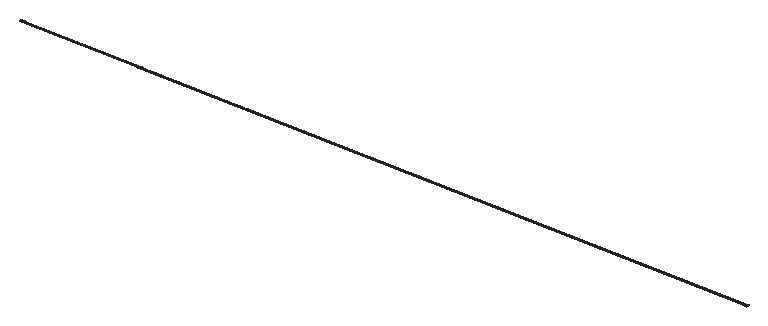
Revit family "0068172", category Lighting Fixtures, host Face, Revit 2017 (continued)
Automatic sketch dimensions
  Extrusion 94 sketch curve to Extrusion 94 sketch curve = 31.2 mm
  Extrusion 94 sketch curve to Extrusion 94 sketch curve = 0 mm  (x3)
  Extrusion 94 sketch curve to Extrusion 94 sketch curve = 3 mm  (x4)
  Extrusion 95 sketch curve to Extrusion 95 sketch curve = 2 mm  (x4)
  Extrusion 95 sketch curve to Extrusion 95 sketch curve = 14.6 mm  (x2)
  Extrusion 95 sketch curve to Extrusion 95 sketch curve = 31.2 mm
  Extrusion 95 sketch curve to Extrusion 95 sketch curve = 0 mm  (x3)
  Extrusion 95 sketch curve to Extrusion 95 sketch curve = 3 mm  (x4)
  Extrusion 96 sketch curve to Extrusion 96 sketch curve = 2 mm  (x4)
  Extrusion 96 sketch curve to Extrusion 96 sketch curve = 14.6 mm  (x2)
  Extrusion 96 sketch curve to Extrusion 96 sketch curve = 31.2 mm
  Extrusion 96 sketch curve to Extrusion 96 sketch curve = 0 mm  (x3)
  Extrusion 96 sketch curve to Extrusion 96 sketch curve = 3 mm  (x4)
  Extrusion 97 sketch curve to Extrusion 97 sketch curve = 2 mm  (x4)
  Extrusion 97 sketch curve to Extrusion 97 sketch curve = 14.6 mm  (x2)
  Extrusion 97 sketch curve to Extrusion 97 sketch curve = 31.2 mm
  Extrusion 97 sketch curve to Extrusion 97 sketch curve = 0 mm  (x3)
  Extrusion 97 sketch curve to Extrusion 97 sketch curve = 3 mm  (x4)
  Extrusion 98 sketch curve to Extrusion 98 sketch curve = 2 mm  (x4)
  Extrusion 98 sketch curve to Extrusion 98 sketch curve = 14.6 mm  (x2)
  Extrusion 98 sketch curve to Extrusion 98 sketch curve = 31.2 mm
  Extrusion 98 sketch curve to Extrusion 98 sketch curve = 0 mm  (x3)
  Extrusion 98 sketch curve to Extrusion 98 sketch curve = 3 mm  (x4)
  Extrusion 99 sketch curve to Extrusion 99 sketch curve = 2 mm  (x4)
  Extrusion 99 sketch curve to Extrusion 99 sketch curve = 14.6 mm  (x2)
  Extrusion 99 sketch curve to Extrusion 99 sketch curve = 31.2 mm
  Extrusion 99 sketch curve to Extrusion 99 sketch curve = 0 mm  (x3)
  Extrusion 99 sketch curve to Extrusion 99 sketch curve = 3 mm  (x4)
  Extrusion 100 sketch curve to Extrusion 100 sketch curve = 2 mm  (x4)
  Extrusion 100 sketch curve to Extrusion 100 sketch curve = 14.6 mm  (x2)
  Extrusion 100 sketch curve to Extrusion 100 sketch curve = 31.2 mm
  Extrusion 100 sketch curve to Extrusion 100 sketch curve = 0 mm  (x3)
  Extrusion 100 sketch curve to Extrusion 100 sketch curve = 3 mm  (x4)
  Extrusion 101 sketch curve to Extrusion 101 sketch curve = 2 mm  (x4)
  Extrusion 101 sketch curve to Extrusion 101 sketch curve = 14.6 mm  (x2)
  Extrusion 101 sketch curve to Extrusion 101 sketch curve = 31.2 mm
  Extrusion 101 sketch curve to Extrusion 101 sketch curve = 0 mm  (x3)
  Extrusion 101 sketch curve to Extrusion 101 sketch curve = 3 mm  (x4)
  Extrusion 102 sketch curve to Extrusion 102 sketch curve = 2 mm  (x4)
  Extrusion 102 sketch curve to Extrusion 102 sketch curve = 14.6 mm  (x2)
  Extrusion 102 sketch curve to Extrusion 102 sketch curve = 31.2 mm
  Extrusion 102 sketch curve to Extrusion 102 sketch curve = 0 mm  (x3)
  Extrusion 102 sketch curve to Extrusion 102 sketch curve = 3 mm  (x4)
  Extrusion 103 sketch curve to Extrusion 103 sketch curve = 2 mm  (x4)
  Extrusion 103 sketch curve to Extrusion 103 sketch curve = 14.6 mm  (x2)
  Extrusion 103 sketch curve to Extrusion 103 sketch curve = 31.2 mm
  Extrusion 103 sketch curve to Extrusion 103 sketch curve = 0 mm  (x3)
  Extrusion 103 sketch curve to Extrusion 103 sketch curve = 3 mm  (x4)
  Extrusion 104 sketch curve to Extrusion 104 sketch curve = 2 mm  (x4)
  Extrusion 104 sketch curve to Extrusion 104 sketch curve = 14.6 mm  (x2)
  Extrusion 104 sketch curve to Extrusion 104 sketch curve = 31.2 mm
  Extrusion 104 sketch curve to Extrusion 104 sketch curve = 0 mm  (x3)
  Extrusion 104 sketch curve to Extrusion 104 sketch curve = 3 mm  (x4)
  Extrusion 105 sketch curve to Extrusion 105 sketch curve = 2 mm  (x4)
  Extrusion 105 sketch curve to Extrusion 105 sketch curve = 14.6 mm  (x2)
  Extrusion 105 sketch curve to Extrusion 105 sketch curve = 31.2 mm
  Extrusion 105 sketch curve to Extrusion 105 sketch curve = 0 mm  (x3)
  Extrusion 105 sketch curve to Extrusion 105 sketch curve = 3 mm  (x4)
  Extrusion 106 sketch curve to Extrusion 106 sketch curve = 2 mm  (x4)
  Extrusion 106 sketch curve to Extrusion 106 sketch curve = 14.6 mm  (x2)
  Extrusion 106 sketch curve to Extrusion 106 sketch curve = 31.2 mm
  Extrusion 106 sketch curve to Extrusion 106 sketch curve = 0 mm  (x3)
  Extrusion 106 sketch curve to Extrusion 106 sketch curve = 3 mm  (x4)
  Extrusion 107 sketch curve to Extrusion 107 sketch curve = 2 mm  (x4)
  Extrusion 107 sketch curve to Extrusion 107 sketch curve = 14.6 mm  (x2)
  Extrusion 107 sketch curve to Extrusion 107 sketch curve = 31.2 mm
  Extrusion 107 sketch curve to Extrusion 107 sketch curve = 0 mm  (x3)
  Extrusion 107 sketch curve to Extrusion 107 sketch curve = 3 mm  (x4)
  Extrusion 108 sketch curve to Extrusion 108 sketch curve = 2 mm  (x4)
  Extrusion 108 sketch curve to Extrusion 108 sketch curve = 14.6 mm  (x2)
  Extrusion 108 sketch curve to Extrusion 108 sketch curve = 31.2 mm
  Extrusion 108 sketch curve to Extrusion 108 sketch curve = 0 mm  (x3)
  Extrusion 108 sketch curve to Extrusion 108 sketch curve = 3 mm  (x4)
  Extrusion 109 sketch curve to Extrusion 109 sketch curve = 2 mm  (x4)
  Extrusion 109 sketch curve to Extrusion 109 sketch curve = 14.6 mm  (x2)
  Extrusion 109 sketch curve to Extrusion 109 sketch curve = 31.2 mm
  Extrusion 109 sketch curve to Extrusion 109 sketch curve = 0 mm  (x3)
  Extrusion 109 sketch curve to Extrusion 109 sketch curve = 3 mm  (x4)
  radius of Sweep 3 sketch curve = 1.353 mm
  radius of Sweep 2 sketch curve = 1.399 mm
Connectors
  electrical at (-230, 0, 0), driven by "Apparent Load", driven by "PowerFactor", driven by "Voltage"
    settings: index 1, voltage 0 V, apparent load 24 VA, apparent load phase1 0 VA, apparent load phase2 0 VA, apparent load phase3 0 VA, power factor 0, load classification "Lighting", number of poles 1, system type 30, power factor state 1, is connector primary yes, connector utility no, sub classification motor no, connector description ""
Types (4, lengths in mm): name | TypeName | built-in parameter 1150134 | Photometric Web File | Name | ModelReference | ModelNumber | Model | LuminousEfficacy | built-in parameter 1150105 | Lumens | LampNominalLuminous | LampColourTemperature | built-in parameter 1150107 | built-in parameter 1150106 | built-in parameter 1150104 | DocumentationLiterature
  0068171 FLEX PRO IP65 2100LM 927 | "Flex Pro IP65 2100lm 927" | (empty or 0) | "0068171.ies" | "Flex Pro IP65 2100lm 927" | "Flex Pro IP65 2100lm 927" | "0068171" | "Flex Pro IP65 2100lm 927" | "88 lm/W" | 168.07 (stored number, unit not read) | 2112 lm | "2100 lm" | "2700 K" | 2700 (stored number, unit not read) | 1.6807 (stored number, unit not read) | 8.1755 (stored number, unit not read) | "http://www.sylvania-lighting.com/product/en-int/products/0068171"
  0068173 FLEX PRO IP65 2300LM 940 | "Flex Pro IP65 2300lm 940" | 12 | "0068173.ies" | "Flex Pro IP65 2300lm 940" | "Flex Pro IP65 2300lm 940" | "0068173" | "Flex Pro IP65 2300lm 940" | "96 lm/W" | 183.35 (stored number, unit not read) | 2304 lm | "2300 lm" | "4000 K" | 4000 (stored number, unit not read) | 1.8335 (stored number, unit not read) | 8.9187 (stored number, unit not read) | "http://www.sylvania-lighting.com/product/en-int/products/0068173"
  0068172 FLEX PRO IP65 2250LM 930 | "Flex Pro IP65 2250lm 930" | (empty or 0) | "0068172.ies" | "Flex Pro IP65 2250lm 930" | "Flex Pro IP65 2250lm 930" | "0068172" | "Flex Pro IP65 2250lm 930" | "94 lm/W" | 179.53 (stored number, unit not read) | 2256 lm | "2250 lm" | "3000 K" | 3000 (stored number, unit not read) | 1.7953 (stored number, unit not read) | 8.7329 (stored number, unit not read) | "http://www.sylvania-lighting.com/product/en-int/products/0068172"
  0068174 FLEX PRO IP65 2300LM 965 | "Flex Pro IP65 2300lm 965" | 1 | "0068174.ies" | "Flex Pro IP65 2300lm 965" | "Flex Pro IP65 2300lm 965" | "0068174" | "Flex Pro IP65 2300lm 965" | "96 lm/W" | 183.35 (stored number, unit not read) | 2304 lm | "2300 lm" | "6500 K" | 6500 (stored number, unit not read) | 1.8335 (stored number, unit not read) | 8.9187 (stored number, unit not read) | "http://www.sylvania-lighting.com/product/en-int/products/0068174"
